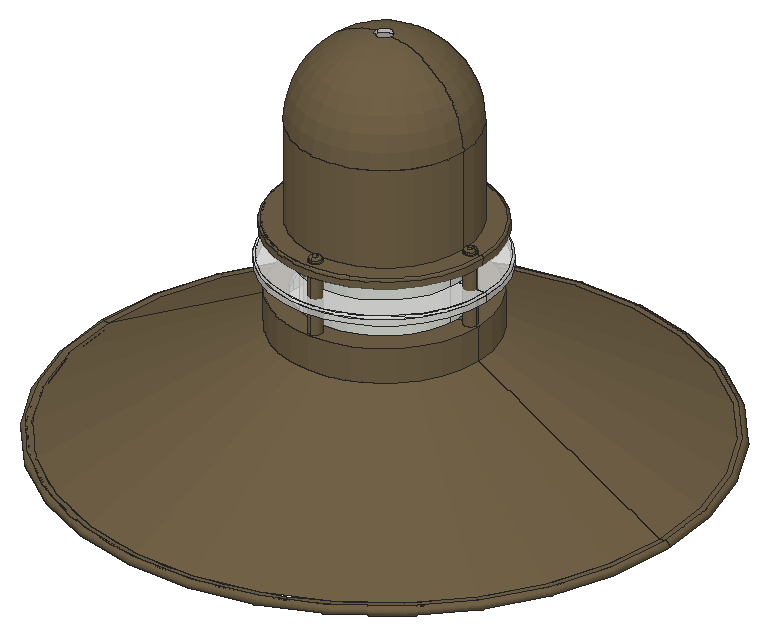
Revit family "UCP218 SHADE", category Lighting Fixtures, Revit 2024
Family settings
  Round Connector Dimension = Use Diameter
  Part Type = Normal
  OmniClass Number = 23.80.70.00
  OmniClass Title = Lighting
  Work Plane-Based = No
  Always vertical = Yes
  Cut with Voids When Loaded = No
  Light Source = Yes
  Maintain Annotation Orientation = No
  Shared = No
  Room Calculation Point = No
Parameters
  Wattage = 12.1178 W
  built-in parameter 1150110 = 1 (stored number, unit not read)
  built-in parameter 1114217 = 1 (stored number, unit not read)
  built-in parameter 1150109 = 1 (stored number, unit not read)
  built-in parameter 1150134 = (empty or 0)
  built-in parameter 1150113 = 1 (stored number, unit not read)
  Lumens = 1800 lm
  built-in parameter 1150115 = 1 (stored number, unit not read)
  built-in parameter 1150105 = 572.96 (stored number, unit not read)
  Light Source Symbol Size = 2' - 0"
  built-in parameter 1150137 = (empty or 0)
  built-in parameter 1150139 = (empty or 0)
  built-in parameter 1150112 = 1 (stored number, unit not read)
  built-in parameter 1150114 = 1 (stored number, unit not read)
  built-in parameter 1150132 = 2
  built-in parameter 1150102 = (empty or 0)
  built-in parameter 1150138 = (empty or 0)
  built-in parameter 1150107 = 3000 (stored number, unit not read)
  built-in parameter 1150106 = 5.7296 (stored number, unit not read)
  built-in parameter 1150104 = 13.8 (stored number, unit not read)
  Dimming Lamp Color Temperature Shift = (empty or 0)
  Default Elevation = 0' - 0"
  Color Filter = 16777215
  built-in parameter 1114218 = 1 (stored number, unit not read)
  built-in parameter 1150133 = 10 (stored number, unit not read)
Reference planes (in)
  plane 1 "Light Source Axis (F/B)": y = 0
  plane 2: z = 0
  plane 3 "Light Source Axis (L/R)": x = 0
  plane 4 "Light Source Elevation": z = 54
Forms (in)
  Revolve 1, solid
    sketch origin (0, 0, 0) x (1, 0, 0) y (0, 0, 1)
      loop
        line (-8.71103, 54.25) -> (-8.875, 54.25)
        arc (-8.875, 54.25) -> (-8.96399, 54.03722) -> (-8.75001, 54.12328) r 0.125
        line (-8.75001, 54.12328) -> (-2.90625, 57.21725) -> (-2.90625, 58.15625) -> (-2.36335, 58.15625) -> (-2.36335, 58.25) -> (-3, 58.25) -> (-3, 57.27369) -> (-8.71103, 54.25)
      loop
        line (-3.25, 59.01397) -> (-3.15625, 59.01397) -> (-3.15625, 59.17022) -> (-2.36335, 59.17022) -> (-2.36335, 59.26397) -> (-3.1875, 59.26397)
        arc (-3.1875, 59.26397) -> (-3.23169, 59.24567) -> (-3.25, 59.20147) r 0.0625
        line (-3.25, 59.20147) -> (-3.25, 59.01397)
      loop
        line (-3.125, 60.01397) -> (-3.03125, 60.01397) -> (-3.03125, 60.17022) -> (-2.40625, 60.17022) -> (-2.40625, 63.01397)
        arc (-2.40625, 63.01397) -> (-1.78768, 64.62464) -> (-0.25, 65.4072) r 2.40625
        line (-0.25, 65.4072) -> (-0.25, 65.50144)
        arc (-0.25, 65.50144) -> (-1.85405, 64.69102) -> (-2.5, 63.01397) r 2.5
        line (-2.5, 63.01397) -> (-2.5, 60.26397) -> (-3.0625, 60.26397)
        arc (-3.0625, 60.26397) -> (-3.10669, 60.24567) -> (-3.125, 60.20147) r 0.0625
        line (-3.125, 60.20147) -> (-3.125, 60.01397)
      loop
        line (-2.1, 60.84942) -> (-2.1, 55.52927)
        arc (-2.1, 55.52927) -> (-1.48492, 54.04435) -> (0, 53.42927) r 2.1
        line (0, 53.42927) -> (0, 53.52302)
        arc (0, 53.52302) -> (-1.41863, 54.11064) -> (-2.00625, 55.52927) r 2.00625
        line (-2.00625, 55.52927) -> (-2.00625, 60.84942) -> (-2.1, 60.84942)
      axis (0, 65.50144) -> (0, 53.42927)
    angle from 0 to 360
  Sweep 2, solid
    path origin (0, 0, 1.63897) x (1, 0, 0) y (0, 0, 1)
      loop
        line (-2.72529, 56.61103) -> (-2.72529, 58.625)
    profile origin (-2.72529, 0, 59.25699) x (-1, 0, 0) y (0, -1, 0)
      loop
        circle (0, 0) r 0.1875
  Revolve 3, solid
    sketch origin (0, 0, 1.63897) x (1, 0, 0) y (0, 0, 1)
      loop
        line (-2.72529, 58.625) -> (-2.72529, 58.73904) -> (-2.82891, 58.73904)
        arc (-2.82891, 58.73904) -> (-2.86416, 58.72444) -> (-2.87875, 58.6892) r 0.04984
        line (-2.87875, 58.6892) -> (-2.87875, 58.625) -> (-2.72529, 58.625)
      axis (-2.72529, 58.73904) -> (-2.72529, 58.625)
    angle from 0 to 360
  Sweep 4, solid
    path origin (0, 0, 1.63897) x (0, -1, 0) y (0, 0, 1)
      loop
        line (-2.72529, 56.61103) -> (-2.72529, 58.625)
    profile origin (0, 2.72529, 59.25699) x (0, 1, 0) y (-1, 0, 0)
      loop
        circle (0, 0) r 0.1875
  Revolve 5, solid
    sketch origin (0, 0, 1.63897) x (0, -1, 0) y (0, 0, 1)
      loop
        line (-2.72529, 58.625) -> (-2.72529, 58.73904) -> (-2.82891, 58.73904)
        arc (-2.82891, 58.73904) -> (-2.86416, 58.72444) -> (-2.87875, 58.6892) r 0.04984
        line (-2.87875, 58.6892) -> (-2.87875, 58.625) -> (-2.72529, 58.625)
      axis (-2.72529, 58.73904) -> (-2.72529, 58.625)
    angle from 0 to 360
  Sweep 6, solid
    path origin (0, 0, 1.63897) x (0, 1, 0) y (0, 0, 1)
      loop
        line (-2.72529, 56.61103) -> (-2.72529, 58.625)
    profile origin (0, -2.72529, 59.25699) x (0, -1, 0) y (1, 0, 0)
      loop
        circle (0, 0) r 0.1875
  Revolve 7, solid
    sketch origin (0, 0, 1.63897) x (0, 1, 0) y (0, 0, 1)
      loop
        line (-2.72529, 58.625) -> (-2.72529, 58.73904) -> (-2.82891, 58.73904)
        arc (-2.82891, 58.73904) -> (-2.86416, 58.72444) -> (-2.87875, 58.6892) r 0.04984
        line (-2.87875, 58.6892) -> (-2.87875, 58.625) -> (-2.72529, 58.625)
      axis (-2.72529, 58.73904) -> (-2.72529, 58.625)
    angle from 0 to 360
  Sweep 8, solid
    path origin (0, 0, 1.63897) x (-1, 0, 0) y (0, 0, 1)
      loop
        line (-2.72529, 56.61103) -> (-2.72529, 58.625)
    profile origin (2.72529, 0, 59.25699) x (1, 0, 0) y (0, 1, 0)
      loop
        circle (0, 0) r 0.1875
  Revolve 9, solid
    sketch origin (0, 0, 1.63897) x (-1, 0, 0) y (0, 0, 1)
      loop
        line (-2.72529, 58.625) -> (-2.72529, 58.73904) -> (-2.82891, 58.73904)
        arc (-2.82891, 58.73904) -> (-2.86416, 58.72444) -> (-2.87875, 58.6892) r 0.04984
        line (-2.87875, 58.6892) -> (-2.87875, 58.625) -> (-2.72529, 58.625)
      axis (-2.72529, 58.73904) -> (-2.72529, 58.625)
    angle from 0 to 360
Dimensions and locks (in)
  aligned and locked: plane 3 "Light Source Axis (L/R)" to imposter light
  aligned and locked: plane 1 "Light Source Axis (F/B)" to imposter light
  aligned and locked: plane 4 "Light Source Elevation" to imposter light
  aligned and locked: level to plane 2
